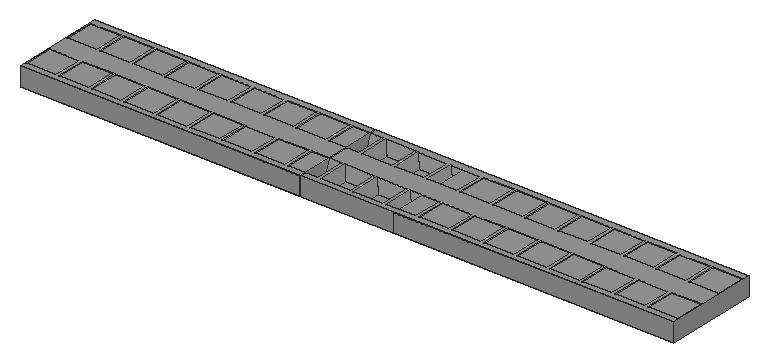
Revit family "2023774", category Lighting Fixtures, host Face, Revit 2018 (continued)
Automatic sketch dimensions
  plane 12 to Extrusion 66 sketch curve = 10.5 mm
  Extrusion 66 sketch curve to plane 6 = 23.5 mm
  plane 50 to Extrusion 67 sketch curve = 10.5 mm
  Extrusion 67 sketch curve to plane 14 = 10.5 mm
  plane 12 to Extrusion 67 sketch curve = 10.5 mm
  Extrusion 67 sketch curve to plane 6 = 23.5 mm
  plane 15 to Extrusion 68 sketch curve = 10.5 mm
  Extrusion 68 sketch curve to plane 16 = 10.5 mm
  plane 12 to Extrusion 68 sketch curve = 10.5 mm
  Extrusion 68 sketch curve to plane 6 = 23.5 mm
  plane 17 to Extrusion 69 sketch curve = 10.5 mm
  Extrusion 69 sketch curve to plane 18 = 10.5 mm
  plane 12 to Extrusion 69 sketch curve = 10.5 mm
  Extrusion 69 sketch curve to plane 6 = 23.5 mm
  plane 19 to Extrusion 70 sketch curve = 10.5 mm
  Extrusion 70 sketch curve to plane 20 = 10.5 mm
  plane 12 to Extrusion 70 sketch curve = 10.5 mm
  Extrusion 70 sketch curve to plane 6 = 23.5 mm
  plane 21 to Extrusion 71 sketch curve = 10.5 mm
  Extrusion 71 sketch curve to plane 22 = 10.5 mm
  plane 12 to Extrusion 71 sketch curve = 10.5 mm
  Extrusion 71 sketch curve to plane 6 = 23.5 mm
  plane 23 to Extrusion 72 sketch curve = 10.5 mm
  Extrusion 72 sketch curve to plane 24 = 10.5 mm
  plane 12 to Extrusion 72 sketch curve = 10.5 mm
  Extrusion 72 sketch curve to plane 6 = 23.5 mm
  plane 31 to Extrusion 73 sketch curve = 10.5 mm
  Extrusion 73 sketch curve to plane 32 = 10.5 mm
  plane 12 to Extrusion 73 sketch curve = 10.5 mm
  Extrusion 73 sketch curve to plane 6 = 23.5 mm
  plane 33 to Extrusion 74 sketch curve = 10.5 mm
  Extrusion 74 sketch curve to plane 34 = 10.5 mm
  plane 12 to Extrusion 74 sketch curve = 10.5 mm
  Extrusion 74 sketch curve to plane 6 = 23.5 mm
  plane 35 to Extrusion 75 sketch curve = 10.5 mm
  Extrusion 75 sketch curve to plane 36 = 10.5 mm
  plane 12 to Extrusion 75 sketch curve = 10.5 mm
  Extrusion 75 sketch curve to plane 6 = 23.5 mm
  plane 37 to Extrusion 76 sketch curve = 10.5 mm
  Extrusion 76 sketch curve to plane 38 = 10.5 mm
  plane 12 to Extrusion 76 sketch curve = 10.5 mm
  Extrusion 76 sketch curve to plane 6 = 23.5 mm
  plane 39 to Extrusion 77 sketch curve = 10.5 mm
  Extrusion 77 sketch curve to plane 40 = 10.5 mm
  plane 12 to Extrusion 77 sketch curve = 10.5 mm
  Extrusion 77 sketch curve to plane 6 = 23.5 mm
  plane 41 to Extrusion 78 sketch curve = 10.5 mm
  Extrusion 78 sketch curve to plane 42 = 10.5 mm
  plane 12 to Extrusion 78 sketch curve = 10.5 mm
  Extrusion 78 sketch curve to plane 6 = 23.5 mm
  plane 43 to Extrusion 79 sketch curve = 10.5 mm
  Extrusion 79 sketch curve to plane 44 = 10.5 mm
  plane 12 to Extrusion 79 sketch curve = 10.5 mm
  Extrusion 79 sketch curve to plane 6 = 23.5 mm
  plane 45 to Extrusion 80 sketch curve = 10.5 mm
  Extrusion 80 sketch curve to plane 46 = 10.5 mm
  plane 12 to Extrusion 80 sketch curve = 10.5 mm
  Extrusion 80 sketch curve to plane 6 = 23.5 mm
  plane 47 to Extrusion 81 sketch curve = 10.5 mm
  Extrusion 81 sketch curve to plane 48 = 10.5 mm
  plane 12 to Extrusion 81 sketch curve = 10.5 mm
  Extrusion 81 sketch curve to plane 6 = 23.5 mm
  plane 49 to Extrusion 82 sketch curve = 10.5 mm
  Extrusion 82 sketch curve to plane 51 = 10.509 mm
  plane 12 to Extrusion 82 sketch curve = 10.5 mm
  Extrusion 82 sketch curve to plane 6 = 23.5 mm
  plane 25 to Extrusion 83 sketch curve = 10.5 mm
  Extrusion 83 sketch curve to plane 26 = 10.5 mm
  plane 12 to Extrusion 83 sketch curve = 10.5 mm
  Extrusion 83 sketch curve to plane 6 = 23.5 mm
  plane 27 to Extrusion 84 sketch curve = 10.5 mm
  Extrusion 84 sketch curve to plane 28 = 10.5 mm
  plane 12 to Extrusion 84 sketch curve = 10.5 mm
  Extrusion 84 sketch curve to plane 6 = 23.5 mm
  plane 29 to Extrusion 85 sketch curve = 10.5 mm
  Extrusion 85 sketch curve to plane 30 = 10.5 mm
  plane 12 to Extrusion 85 sketch curve = 10.5 mm
  Extrusion 85 sketch curve to plane 6 = 23.5 mm
  Extrusion 86 sketch curve to plane 4 = 0 mm
  Extrusion 86 sketch curve to plane 5 = 0 mm
  Extrusion 86 sketch curve to plane 7 = 0 mm
  Extrusion 86 sketch curve to plane 6 = 0 mm
Connectors
  electrical at (0, 0, 0), driven by "Apparent Load", driven by "PowerFactor", driven by "Voltage"
    settings: index 1, voltage 0 V, apparent load 49 VA, apparent load phase1 0 VA, apparent load phase2 0 VA, apparent load phase3 0 VA, power factor 0, load classification "Lighting", number of poles 1, system type 30, power factor state 1, is connector primary yes, connector utility no, sub classification motor no, connector description ""
